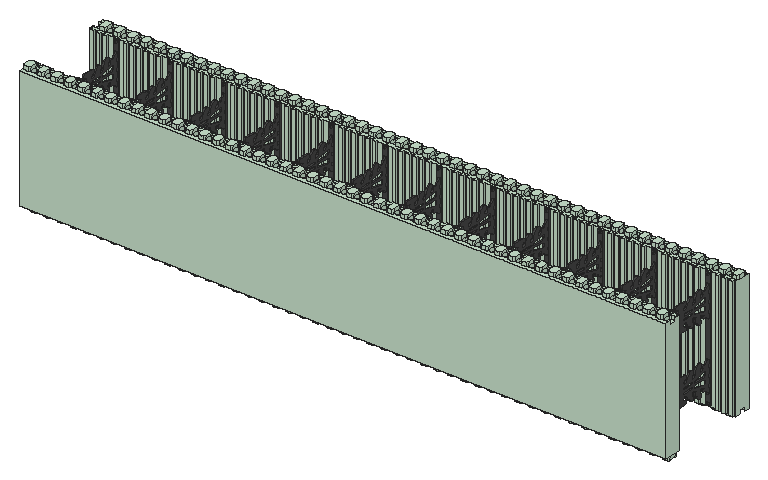
Revit family (continued)
Forms (mm)
  Extrusion 167, void
    sketch origin (1320.8, 50.882, 0) x (1, 0, 0) y (0, 1, 0)
      loop
        arc (29.796, 130.453) -> (26.615, 128.147) -> (25.4, 124.411) r 6.35
    from 0 to 12.7
  Extrusion 168, void
    sketch origin (1270, 50.882, 0) x (1, 0, 0) y (0, 1, 0)
      loop
        line (25.4, 124.411) -> (25.4, 101.014)
        arc (25.4, 101.014) -> (26.615, 97.278) -> (29.796, 94.972) r 6.35
        arc (29.796, 94.972) -> (36.091, 93.737) -> (42.5, 94.024) r 26.988
        arc (42.5, 94.024) -> (43.786, 93.668) -> (44.346, 92.457) r 1.587
        line (44.346, 92.457) -> (44.346, 86.829) -> (48.685, 86.829) -> (48.685, 95.62)
        arc (48.685, 95.62) -> (48.795, 96.199) -> (49.108, 96.698) r 1.588
        arc (49.108, 96.698) -> (50.362, 98.696) -> (50.8, 101.014) r 6.35
        line (50.8, 101.014) -> (50.8, 124.411)
        arc (50.8, 124.411) -> (49.585, 128.147) -> (46.404, 130.453) r 6.35
        arc (46.404, 130.453) -> (38.1, 131.763) -> (29.796, 130.453) r 26.987
        arc (29.796, 130.453) -> (26.615, 128.147) -> (25.4, 124.411) r 6.35
    from 0 to 12.7
  Extrusion 169, void
    sketch origin (1219.2, 50.882, 0) x (1, 0, 0) y (0, 1, 0)
      loop
        line (25.4, 124.411) -> (25.4, 101.014)
        arc (25.4, 101.014) -> (26.615, 97.278) -> (29.796, 94.972) r 6.35
        arc (29.796, 94.972) -> (36.091, 93.737) -> (42.5, 94.024) r 26.988
        arc (42.5, 94.024) -> (43.786, 93.668) -> (44.346, 92.457) r 1.587
        line (44.346, 92.457) -> (44.346, 86.829) -> (48.685, 86.829) -> (48.685, 95.62)
        arc (48.685, 95.62) -> (48.795, 96.199) -> (49.108, 96.698) r 1.588
        arc (49.108, 96.698) -> (50.362, 98.696) -> (50.8, 101.014) r 6.35
        line (50.8, 101.014) -> (50.8, 124.411)
        arc (50.8, 124.411) -> (49.585, 128.147) -> (46.404, 130.453) r 6.35
        arc (46.404, 130.453) -> (38.1, 131.763) -> (29.796, 130.453) r 26.987
        arc (29.796, 130.453) -> (26.615, 128.147) -> (25.4, 124.411) r 6.35
    from 0 to 12.7
  Extrusion 170, void
    sketch origin (1168.4, 50.882, 0) x (1, 0, 0) y (0, 1, 0)
      loop
        line (25.4, 124.411) -> (25.4, 101.014)
        arc (25.4, 101.014) -> (26.615, 97.278) -> (29.796, 94.972) r 6.35
        arc (29.796, 94.972) -> (36.091, 93.737) -> (42.5, 94.024) r 26.988
        arc (42.5, 94.024) -> (43.786, 93.668) -> (44.346, 92.457) r 1.587
        line (44.346, 92.457) -> (44.346, 86.829) -> (48.685, 86.829) -> (48.685, 95.62)
        arc (48.685, 95.62) -> (48.795, 96.199) -> (49.108, 96.698) r 1.588
        arc (49.108, 96.698) -> (50.362, 98.696) -> (50.8, 101.014) r 6.35
        line (50.8, 101.014) -> (50.8, 124.411)
        arc (50.8, 124.411) -> (49.585, 128.147) -> (46.404, 130.453) r 6.35
        arc (46.404, 130.453) -> (38.1, 131.763) -> (29.796, 130.453) r 26.987
        arc (29.796, 130.453) -> (26.615, 128.147) -> (25.4, 124.411) r 6.35
    from 0 to 12.7
  Extrusion 171, void
    sketch origin (1117.6, 50.882, 0) x (1, 0, 0) y (0, 1, 0)
      loop
        line (25.4, 124.411) -> (25.4, 101.014)
        arc (25.4, 101.014) -> (26.615, 97.278) -> (29.796, 94.972) r 6.35
        arc (29.796, 94.972) -> (36.091, 93.737) -> (42.5, 94.024) r 26.988
        arc (42.5, 94.024) -> (43.786, 93.668) -> (44.346, 92.457) r 1.587
        line (44.346, 92.457) -> (44.346, 86.829) -> (48.685, 86.829) -> (48.685, 95.62)
        arc (48.685, 95.62) -> (48.795, 96.199) -> (49.108, 96.698) r 1.588
        arc (49.108, 96.698) -> (50.362, 98.696) -> (50.8, 101.014) r 6.35
        line (50.8, 101.014) -> (50.8, 124.411)
        arc (50.8, 124.411) -> (49.585, 128.147) -> (46.404, 130.453) r 6.35
        arc (46.404, 130.453) -> (38.1, 131.763) -> (29.796, 130.453) r 26.987
        arc (29.796, 130.453) -> (26.615, 128.147) -> (25.4, 124.411) r 6.35
    from 0 to 12.7
  Extrusion 172, void
    sketch origin (1066.8, 50.882, 0) x (1, 0, 0) y (0, 1, 0)
      loop
        line (25.4, 124.411) -> (25.4, 101.014)
        arc (25.4, 101.014) -> (26.615, 97.278) -> (29.796, 94.972) r 6.35
        arc (29.796, 94.972) -> (36.091, 93.737) -> (42.5, 94.024) r 26.988
        arc (42.5, 94.024) -> (43.786, 93.668) -> (44.346, 92.457) r 1.587
        line (44.346, 92.457) -> (44.346, 86.829) -> (48.685, 86.829) -> (48.685, 95.62)
        arc (48.685, 95.62) -> (48.795, 96.199) -> (49.108, 96.698) r 1.588
        arc (49.108, 96.698) -> (50.362, 98.696) -> (50.8, 101.014) r 6.35
        line (50.8, 101.014) -> (50.8, 124.411)
        arc (50.8, 124.411) -> (49.585, 128.147) -> (46.404, 130.453) r 6.35
        arc (46.404, 130.453) -> (38.1, 131.763) -> (29.796, 130.453) r 26.987
        arc (29.796, 130.453) -> (26.615, 128.147) -> (25.4, 124.411) r 6.35
    from 0 to 12.7
  Extrusion 173, void
    sketch origin (1016, 50.882, 0) x (1, 0, 0) y (0, 1, 0)
      loop
        line (25.4, 124.411) -> (25.4, 101.014)
        arc (25.4, 101.014) -> (26.615, 97.278) -> (29.796, 94.972) r 6.35
        arc (29.796, 94.972) -> (36.091, 93.737) -> (42.5, 94.024) r 26.988
        arc (42.5, 94.024) -> (43.786, 93.668) -> (44.346, 92.457) r 1.587
        line (44.346, 92.457) -> (44.346, 86.829) -> (48.685, 86.829) -> (48.685, 95.62)
        arc (48.685, 95.62) -> (48.795, 96.199) -> (49.108, 96.698) r 1.588
        arc (49.108, 96.698) -> (50.362, 98.696) -> (50.8, 101.014) r 6.35
        line (50.8, 101.014) -> (50.8, 124.411)
        arc (50.8, 124.411) -> (49.585, 128.147) -> (46.404, 130.453) r 6.35
        arc (46.404, 130.453) -> (38.1, 131.763) -> (29.796, 130.453) r 26.987
        arc (29.796, 130.453) -> (26.615, 128.147) -> (25.4, 124.411) r 6.35
    from 0 to 12.7
  Extrusion 174, void
    sketch origin (965.2, 50.882, 0) x (1, 0, 0) y (0, 1, 0)
      loop
        line (25.4, 124.411) -> (25.4, 101.014)
        arc (25.4, 101.014) -> (26.615, 97.278) -> (29.796, 94.972) r 6.35
        arc (29.796, 94.972) -> (36.091, 93.737) -> (42.5, 94.024) r 26.988
        arc (42.5, 94.024) -> (43.786, 93.668) -> (44.346, 92.457) r 1.587
        line (44.346, 92.457) -> (44.346, 86.829) -> (48.685, 86.829) -> (48.685, 95.62)
        arc (48.685, 95.62) -> (48.795, 96.199) -> (49.108, 96.698) r 1.588
        arc (49.108, 96.698) -> (50.362, 98.696) -> (50.8, 101.014) r 6.35
        line (50.8, 101.014) -> (50.8, 124.411)
        arc (50.8, 124.411) -> (49.585, 128.147) -> (46.404, 130.453) r 6.35
        arc (46.404, 130.453) -> (38.1, 131.763) -> (29.796, 130.453) r 26.987
        arc (29.796, 130.453) -> (26.615, 128.147) -> (25.4, 124.411) r 6.35
    from 0 to 12.7
  Extrusion 175, void
    sketch origin (914.4, 50.882, 0) x (1, 0, 0) y (0, 1, 0)
      loop
        line (25.4, 124.411) -> (25.4, 101.014)
        arc (25.4, 101.014) -> (26.615, 97.278) -> (29.796, 94.972) r 6.35
        arc (29.796, 94.972) -> (36.091, 93.737) -> (42.5, 94.024) r 26.988
        arc (42.5, 94.024) -> (43.786, 93.668) -> (44.346, 92.457) r 1.587
        line (44.346, 92.457) -> (44.346, 86.829) -> (48.685, 86.829) -> (48.685, 95.62)
        arc (48.685, 95.62) -> (48.795, 96.199) -> (49.108, 96.698) r 1.588
        arc (49.108, 96.698) -> (50.362, 98.696) -> (50.8, 101.014) r 6.35
        line (50.8, 101.014) -> (50.8, 124.411)
        arc (50.8, 124.411) -> (49.585, 128.147) -> (46.404, 130.453) r 6.35
        arc (46.404, 130.453) -> (38.1, 131.763) -> (29.796, 130.453) r 26.987
        arc (29.796, 130.453) -> (26.615, 128.147) -> (25.4, 124.411) r 6.35
    from 0 to 12.7
  Extrusion 176, void
    sketch origin (863.6, 50.882, 0) x (1, 0, 0) y (0, 1, 0)
      loop
        line (25.4, 124.411) -> (25.4, 101.014)
        arc (25.4, 101.014) -> (26.615, 97.278) -> (29.796, 94.972) r 6.35
        arc (29.796, 94.972) -> (36.091, 93.737) -> (42.5, 94.024) r 26.988
        arc (42.5, 94.024) -> (43.786, 93.668) -> (44.346, 92.457) r 1.587
        line (44.346, 92.457) -> (44.346, 86.829) -> (48.685, 86.829) -> (48.685, 95.62)
        arc (48.685, 95.62) -> (48.795, 96.199) -> (49.108, 96.698) r 1.588
        arc (49.108, 96.698) -> (50.362, 98.696) -> (50.8, 101.014) r 6.35
        line (50.8, 101.014) -> (50.8, 124.411)
        arc (50.8, 124.411) -> (49.585, 128.147) -> (46.404, 130.453) r 6.35
        arc (46.404, 130.453) -> (38.1, 131.763) -> (29.796, 130.453) r 26.987
        arc (29.796, 130.453) -> (26.615, 128.147) -> (25.4, 124.411) r 6.35
    from 0 to 12.7
  Extrusion 177, void
    sketch origin (812.8, 50.882, 0) x (1, 0, 0) y (0, 1, 0)
      loop
        line (25.4, 124.411) -> (25.4, 101.014)
        arc (25.4, 101.014) -> (26.615, 97.278) -> (29.796, 94.972) r 6.35
        arc (29.796, 94.972) -> (36.091, 93.737) -> (42.5, 94.024) r 26.988
        arc (42.5, 94.024) -> (43.786, 93.668) -> (44.346, 92.457) r 1.587
        line (44.346, 92.457) -> (44.346, 86.829) -> (48.685, 86.829) -> (48.685, 95.62)
        arc (48.685, 95.62) -> (48.795, 96.199) -> (49.108, 96.698) r 1.588
        arc (49.108, 96.698) -> (50.362, 98.696) -> (50.8, 101.014) r 6.35
        line (50.8, 101.014) -> (50.8, 124.411)
        arc (50.8, 124.411) -> (49.585, 128.147) -> (46.404, 130.453) r 6.35
        arc (46.404, 130.453) -> (38.1, 131.763) -> (29.796, 130.453) r 26.987
        arc (29.796, 130.453) -> (26.615, 128.147) -> (25.4, 124.411) r 6.35
    from 0 to 12.7
  Extrusion 178, void
    sketch origin (762, 50.882, 0) x (1, 0, 0) y (0, 1, 0)
      loop
        line (25.4, 124.411) -> (25.4, 101.014)
        arc (25.4, 101.014) -> (26.615, 97.278) -> (29.796, 94.972) r 6.35
        arc (29.796, 94.972) -> (36.091, 93.737) -> (42.5, 94.024) r 26.988
        arc (42.5, 94.024) -> (43.786, 93.668) -> (44.346, 92.457) r 1.587
        line (44.346, 92.457) -> (44.346, 86.829) -> (48.685, 86.829) -> (48.685, 95.62)
        arc (48.685, 95.62) -> (48.795, 96.199) -> (49.108, 96.698) r 1.588
        arc (49.108, 96.698) -> (50.362, 98.696) -> (50.8, 101.014) r 6.35
        line (50.8, 101.014) -> (50.8, 124.411)
        arc (50.8, 124.411) -> (49.585, 128.147) -> (46.404, 130.453) r 6.35
        arc (46.404, 130.453) -> (38.1, 131.763) -> (29.796, 130.453) r 26.987
        arc (29.796, 130.453) -> (26.615, 128.147) -> (25.4, 124.411) r 6.35
    from 0 to 12.7
  Extrusion 179, void
    sketch origin (711.2, 50.882, 0) x (1, 0, 0) y (0, 1, 0)
      loop
        line (25.4, 124.411) -> (25.4, 101.014)
        arc (25.4, 101.014) -> (26.615, 97.278) -> (29.796, 94.972) r 6.35
        arc (29.796, 94.972) -> (36.091, 93.737) -> (42.5, 94.024) r 26.988
        arc (42.5, 94.024) -> (43.786, 93.668) -> (44.346, 92.457) r 1.587
        line (44.346, 92.457) -> (44.346, 86.829) -> (48.685, 86.829) -> (48.685, 95.62)
        arc (48.685, 95.62) -> (48.795, 96.199) -> (49.108, 96.698) r 1.588
        arc (49.108, 96.698) -> (50.362, 98.696) -> (50.8, 101.014) r 6.35
        line (50.8, 101.014) -> (50.8, 124.411)
        arc (50.8, 124.411) -> (49.585, 128.147) -> (46.404, 130.453) r 6.35
        arc (46.404, 130.453) -> (38.1, 131.763) -> (29.796, 130.453) r 26.987
        arc (29.796, 130.453) -> (26.615, 128.147) -> (25.4, 124.411) r 6.35
    from 0 to 12.7
  Extrusion 180, void
    sketch origin (660.4, 50.882, 0) x (1, 0, 0) y (0, 1, 0)
      loop
        line (25.4, 124.411) -> (25.4, 101.014)
        arc (25.4, 101.014) -> (26.615, 97.278) -> (29.796, 94.972) r 6.35
        arc (29.796, 94.972) -> (36.091, 93.737) -> (42.5, 94.024) r 26.988
        arc (42.5, 94.024) -> (43.786, 93.668) -> (44.346, 92.457) r 1.587
        line (44.346, 92.457) -> (44.346, 86.829) -> (48.685, 86.829) -> (48.685, 95.62)
        arc (48.685, 95.62) -> (48.795, 96.199) -> (49.108, 96.698) r 1.588
        arc (49.108, 96.698) -> (50.362, 98.696) -> (50.8, 101.014) r 6.35
        line (50.8, 101.014) -> (50.8, 124.411)
        arc (50.8, 124.411) -> (49.585, 128.147) -> (46.404, 130.453) r 6.35
        arc (46.404, 130.453) -> (38.1, 131.763) -> (29.796, 130.453) r 26.987
        arc (29.796, 130.453) -> (26.615, 128.147) -> (25.4, 124.411) r 6.35
    from 0 to 12.7
  Extrusion 181, void
    sketch origin (609.6, 50.882, 0) x (1, 0, 0) y (0, 1, 0)
      loop
        line (25.4, 124.411) -> (25.4, 101.014)
        arc (25.4, 101.014) -> (26.615, 97.278) -> (29.796, 94.972) r 6.35
        arc (29.796, 94.972) -> (36.091, 93.737) -> (42.5, 94.024) r 26.988
        arc (42.5, 94.024) -> (43.786, 93.668) -> (44.346, 92.457) r 1.587
        line (44.346, 92.457) -> (44.346, 86.829) -> (48.685, 86.829) -> (48.685, 95.62)
        arc (48.685, 95.62) -> (48.795, 96.199) -> (49.108, 96.698) r 1.588
        arc (49.108, 96.698) -> (50.362, 98.696) -> (50.8, 101.014) r 6.35
        line (50.8, 101.014) -> (50.8, 124.411)
        arc (50.8, 124.411) -> (49.585, 128.147) -> (46.404, 130.453) r 6.35
        arc (46.404, 130.453) -> (38.1, 131.763) -> (29.796, 130.453) r 26.987
        arc (29.796, 130.453) -> (26.615, 128.147) -> (25.4, 124.411) r 6.35
    from 0 to 12.7
  Extrusion 182, void
    sketch origin (558.8, 50.882, 0) x (1, 0, 0) y (0, 1, 0)
      loop
        line (25.4, 124.411) -> (25.4, 101.014)
        arc (25.4, 101.014) -> (26.615, 97.278) -> (29.796, 94.972) r 6.35
        arc (29.796, 94.972) -> (36.091, 93.737) -> (42.5, 94.024) r 26.988
        arc (42.5, 94.024) -> (43.786, 93.668) -> (44.346, 92.457) r 1.587
        line (44.346, 92.457) -> (44.346, 86.829) -> (48.685, 86.829) -> (48.685, 95.62)
        arc (48.685, 95.62) -> (48.795, 96.199) -> (49.108, 96.698) r 1.588
        arc (49.108, 96.698) -> (50.362, 98.696) -> (50.8, 101.014) r 6.35
        line (50.8, 101.014) -> (50.8, 124.411)
        arc (50.8, 124.411) -> (49.585, 128.147) -> (46.404, 130.453) r 6.35
        arc (46.404, 130.453) -> (38.1, 131.763) -> (29.796, 130.453) r 26.987
        arc (29.796, 130.453) -> (26.615, 128.147) -> (25.4, 124.411) r 6.35
    from 0 to 12.7
  Extrusion 183, void
    sketch origin (508, 50.882, 0) x (1, 0, 0) y (0, 1, 0)
      loop
        line (25.4, 124.411) -> (25.4, 101.014)
        arc (25.4, 101.014) -> (26.615, 97.278) -> (29.796, 94.972) r 6.35
        arc (29.796, 94.972) -> (36.091, 93.737) -> (42.5, 94.024) r 26.988
        arc (42.5, 94.024) -> (43.786, 93.668) -> (44.346, 92.457) r 1.587
        line (44.346, 92.457) -> (44.346, 86.829) -> (48.685, 86.829) -> (48.685, 95.62)
        arc (48.685, 95.62) -> (48.795, 96.199) -> (49.108, 96.698) r 1.588
        arc (49.108, 96.698) -> (50.362, 98.696) -> (50.8, 101.014) r 6.35
        line (50.8, 101.014) -> (50.8, 124.411)
        arc (50.8, 124.411) -> (49.585, 128.147) -> (46.404, 130.453) r 6.35
        arc (46.404, 130.453) -> (38.1, 131.763) -> (29.796, 130.453) r 26.987
        arc (29.796, 130.453) -> (26.615, 128.147) -> (25.4, 124.411) r 6.35
    from 0 to 12.7
  Extrusion 184, void
    sketch origin (457.2, 50.882, 0) x (1, 0, 0) y (0, 1, 0)
      loop
        line (25.4, 124.411) -> (25.4, 101.014)
        arc (25.4, 101.014) -> (26.615, 97.278) -> (29.796, 94.972) r 6.35
        arc (29.796, 94.972) -> (36.091, 93.737) -> (42.5, 94.024) r 26.988
        arc (42.5, 94.024) -> (43.786, 93.668) -> (44.346, 92.457) r 1.587
        line (44.346, 92.457) -> (44.346, 86.829) -> (48.685, 86.829) -> (48.685, 95.62)
        arc (48.685, 95.62) -> (48.795, 96.199) -> (49.108, 96.698) r 1.588
        arc (49.108, 96.698) -> (50.362, 98.696) -> (50.8, 101.014) r 6.35
        line (50.8, 101.014) -> (50.8, 124.411)
        arc (50.8, 124.411) -> (49.585, 128.147) -> (46.404, 130.453) r 6.35
        arc (46.404, 130.453) -> (38.1, 131.763) -> (29.796, 130.453) r 26.987
        arc (29.796, 130.453) -> (26.615, 128.147) -> (25.4, 124.411) r 6.35
    from 0 to 12.7
  Extrusion 185, void
    sketch origin (406.4, 50.882, 0) x (1, 0, 0) y (0, 1, 0)
      loop
        line (25.4, 124.411) -> (25.4, 101.014)
        arc (25.4, 101.014) -> (26.615, 97.278) -> (29.796, 94.972) r 6.35
        arc (29.796, 94.972) -> (36.091, 93.737) -> (42.5, 94.024) r 26.988
        arc (42.5, 94.024) -> (43.786, 93.668) -> (44.346, 92.457) r 1.587
        line (44.346, 92.457) -> (44.346, 86.829) -> (48.685, 86.829) -> (48.685, 95.62)
        arc (48.685, 95.62) -> (48.795, 96.199) -> (49.108, 96.698) r 1.588
        arc (49.108, 96.698) -> (50.362, 98.696) -> (50.8, 101.014) r 6.35
        line (50.8, 101.014) -> (50.8, 124.411)
        arc (50.8, 124.411) -> (49.585, 128.147) -> (46.404, 130.453) r 6.35
        arc (46.404, 130.453) -> (38.1, 131.763) -> (29.796, 130.453) r 26.987
        arc (29.796, 130.453) -> (26.615, 128.147) -> (25.4, 124.411) r 6.35
    from 0 to 12.7
  Extrusion 186, void
    sketch origin (355.6, 50.882, 0) x (1, 0, 0) y (0, 1, 0)
      loop
        line (25.4, 124.411) -> (25.4, 101.014)
        arc (25.4, 101.014) -> (26.615, 97.278) -> (29.796, 94.972) r 6.35
        arc (29.796, 94.972) -> (36.091, 93.737) -> (42.5, 94.024) r 26.988
        arc (42.5, 94.024) -> (43.786, 93.668) -> (44.346, 92.457) r 1.587
        line (44.346, 92.457) -> (44.346, 86.829) -> (48.685, 86.829) -> (48.685, 95.62)
        arc (48.685, 95.62) -> (48.795, 96.199) -> (49.108, 96.698) r 1.588
        arc (49.108, 96.698) -> (50.362, 98.696) -> (50.8, 101.014) r 6.35
        line (50.8, 101.014) -> (50.8, 124.411)
        arc (50.8, 124.411) -> (49.585, 128.147) -> (46.404, 130.453) r 6.35
        arc (46.404, 130.453) -> (38.1, 131.763) -> (29.796, 130.453) r 26.987
        arc (29.796, 130.453) -> (26.615, 128.147) -> (25.4, 124.411) r 6.35
    from 0 to 12.7
  Extrusion 187, void
    sketch origin (304.8, 50.882, 0) x (1, 0, 0) y (0, 1, 0)
      loop
        line (25.4, 124.411) -> (25.4, 101.014)
        arc (25.4, 101.014) -> (26.615, 97.278) -> (29.796, 94.972) r 6.35
        arc (29.796, 94.972) -> (36.091, 93.737) -> (42.5, 94.024) r 26.988
        arc (42.5, 94.024) -> (43.786, 93.668) -> (44.346, 92.457) r 1.587
        line (44.346, 92.457) -> (44.346, 86.829) -> (48.685, 86.829) -> (48.685, 95.62)
        arc (48.685, 95.62) -> (48.795, 96.199) -> (49.108, 96.698) r 1.588
        arc (49.108, 96.698) -> (50.362, 98.696) -> (50.8, 101.014) r 6.35
        line (50.8, 101.014) -> (50.8, 124.411)
        arc (50.8, 124.411) -> (49.585, 128.147) -> (46.404, 130.453) r 6.35
        arc (46.404, 130.453) -> (38.1, 131.763) -> (29.796, 130.453) r 26.987
        arc (29.796, 130.453) -> (26.615, 128.147) -> (25.4, 124.411) r 6.35
    from 0 to 12.7
  Extrusion 188, void
    sketch origin (254, 50.882, 0) x (1, 0, 0) y (0, 1, 0)
      loop
        line (25.4, 124.411) -> (25.4, 101.014)
        arc (25.4, 101.014) -> (26.615, 97.278) -> (29.796, 94.972) r 6.35
        arc (29.796, 94.972) -> (36.091, 93.737) -> (42.5, 94.024) r 26.988
        arc (42.5, 94.024) -> (43.786, 93.668) -> (44.346, 92.457) r 1.587
        line (44.346, 92.457) -> (44.346, 86.829) -> (48.685, 86.829) -> (48.685, 95.62)
        arc (48.685, 95.62) -> (48.795, 96.199) -> (49.108, 96.698) r 1.588
        arc (49.108, 96.698) -> (50.362, 98.696) -> (50.8, 101.014) r 6.35
        line (50.8, 101.014) -> (50.8, 124.411)
        arc (50.8, 124.411) -> (49.585, 128.147) -> (46.404, 130.453) r 6.35
        arc (46.404, 130.453) -> (38.1, 131.763) -> (29.796, 130.453) r 26.987
        arc (29.796, 130.453) -> (26.615, 128.147) -> (25.4, 124.411) r 6.35
    from 0 to 12.7
  Extrusion 189, void
    sketch origin (203.2, 50.882, 0) x (1, 0, 0) y (0, 1, 0)
      loop
        line (25.4, 124.411) -> (25.4, 101.014)
        arc (25.4, 101.014) -> (26.615, 97.278) -> (29.796, 94.972) r 6.35
        arc (29.796, 94.972) -> (36.091, 93.737) -> (42.5, 94.024) r 26.988
        arc (42.5, 94.024) -> (43.786, 93.668) -> (44.346, 92.457) r 1.587
        line (44.346, 92.457) -> (44.346, 86.829) -> (48.685, 86.829) -> (48.685, 95.62)
        arc (48.685, 95.62) -> (48.795, 96.199) -> (49.108, 96.698) r 1.588
        arc (49.108, 96.698) -> (50.362, 98.696) -> (50.8, 101.014) r 6.35
        line (50.8, 101.014) -> (50.8, 124.411)
        arc (50.8, 124.411) -> (49.585, 128.147) -> (46.404, 130.453) r 6.35
        arc (46.404, 130.453) -> (38.1, 131.763) -> (29.796, 130.453) r 26.987
        arc (29.796, 130.453) -> (26.615, 128.147) -> (25.4, 124.411) r 6.35
    from 0 to 12.7
  Extrusion 190, void
    sketch origin (152.4, 50.882, 0) x (1, 0, 0) y (0, 1, 0)
      loop
        line (25.4, 124.411) -> (25.4, 101.014)
        arc (25.4, 101.014) -> (26.615, 97.278) -> (29.796, 94.972) r 6.35
        arc (29.796, 94.972) -> (36.091, 93.737) -> (42.5, 94.024) r 26.988
        arc (42.5, 94.024) -> (43.786, 93.668) -> (44.346, 92.457) r 1.587
        line (44.346, 92.457) -> (44.346, 86.829) -> (48.685, 86.829) -> (48.685, 95.62)
        arc (48.685, 95.62) -> (48.795, 96.199) -> (49.108, 96.698) r 1.588
        arc (49.108, 96.698) -> (50.362, 98.696) -> (50.8, 101.014) r 6.35
        line (50.8, 101.014) -> (50.8, 124.411)
        arc (50.8, 124.411) -> (49.585, 128.147) -> (46.404, 130.453) r 6.35
        arc (46.404, 130.453) -> (38.1, 131.763) -> (29.796, 130.453) r 26.987
        arc (29.796, 130.453) -> (26.615, 128.147) -> (25.4, 124.411) r 6.35
    from 0 to 12.7
  Extrusion 191, void
    sketch origin (101.6, 50.882, 0) x (1, 0, 0) y (0, 1, 0)
      loop
        line (25.4, 124.411) -> (25.4, 101.014)
        arc (25.4, 101.014) -> (26.615, 97.278) -> (29.796, 94.972) r 6.35
        arc (29.796, 94.972) -> (36.091, 93.737) -> (42.5, 94.024) r 26.988
        arc (42.5, 94.024) -> (43.786, 93.668) -> (44.346, 92.457) r 1.587
        line (44.346, 92.457) -> (44.346, 86.829) -> (48.685, 86.829) -> (48.685, 95.62)
        arc (48.685, 95.62) -> (48.795, 96.199) -> (49.108, 96.698) r 1.588
        arc (49.108, 96.698) -> (50.362, 98.696) -> (50.8, 101.014) r 6.35
        line (50.8, 101.014) -> (50.8, 124.411)
        arc (50.8, 124.411) -> (49.585, 128.147) -> (46.404, 130.453) r 6.35
        arc (46.404, 130.453) -> (38.1, 131.763) -> (29.796, 130.453) r 26.987
        arc (29.796, 130.453) -> (26.615, 128.147) -> (25.4, 124.411) r 6.35
    from 0 to 12.7
  Extrusion 192, void
    sketch origin (50.8, 50.882, 0) x (1, 0, 0) y (0, 1, 0)
      loop
        line (25.4, 124.411) -> (25.4, 101.014)
        arc (25.4, 101.014) -> (26.615, 97.278) -> (29.796, 94.972) r 6.35
        arc (29.796, 94.972) -> (36.091, 93.737) -> (42.5, 94.024) r 26.988
        arc (42.5, 94.024) -> (43.786, 93.668) -> (44.346, 92.457) r 1.587
        line (44.346, 92.457) -> (44.346, 86.829) -> (48.685, 86.829) -> (48.685, 95.62)
        arc (48.685, 95.62) -> (48.795, 96.199) -> (49.108, 96.698) r 1.588
        arc (49.108, 96.698) -> (50.362, 98.696) -> (50.8, 101.014) r 6.35
        line (50.8, 101.014) -> (50.8, 124.411)
        arc (50.8, 124.411) -> (49.585, 128.147) -> (46.404, 130.453) r 6.35
        arc (46.404, 130.453) -> (38.1, 131.763) -> (29.796, 130.453) r 26.987
        arc (29.796, 130.453) -> (26.615, 128.147) -> (25.4, 124.411) r 6.35
    from 0 to 12.7
  Extrusion 193, void
    sketch origin (0, 50.882, 0) x (1, 0, 0) y (0, 1, 0)
      loop
        line (25.4, 124.411) -> (25.4, 101.014)
        arc (25.4, 101.014) -> (26.615, 97.278) -> (29.796, 94.972) r 6.35
        arc (29.796, 94.972) -> (36.091, 93.737) -> (42.5, 94.024) r 26.988
        arc (42.5, 94.024) -> (43.786, 93.668) -> (44.346, 92.457) r 1.587
        line (44.346, 92.457) -> (44.346, 86.829) -> (48.685, 86.829) -> (48.685, 95.62)
        arc (48.685, 95.62) -> (48.795, 96.199) -> (49.108, 96.698) r 1.588
        arc (49.108, 96.698) -> (50.362, 98.696) -> (50.8, 101.014) r 6.35
        line (50.8, 101.014) -> (50.8, 124.411)
        arc (50.8, 124.411) -> (49.585, 128.147) -> (46.404, 130.453) r 6.35
        arc (46.404, 130.453) -> (38.1, 131.763) -> (29.796, 130.453) r 26.987
        arc (29.796, 130.453) -> (26.615, 128.147) -> (25.4, 124.411) r 6.35
    from 0 to 12.7
Cuts and joins
  Extrusion 2, Extrusion 3, Extrusion 4, Extrusion 5, Extrusion 6, Extrusion 7, Extrusion 8, Extrusion 9, Extrusion 10, Extrusion 11, Extrusion 12, Extrusion 13, Extrusion 14, Extrusion 15, Extrusion 16, Extrusion 17, Extrusion 18, Extrusion 19, Extrusion 20, Extrusion 21, Extrusion 22, Extrusion 23, Extrusion 24, Extrusion 25, Extrusion 26, Extrusion 27, Extrusion 28, Extrusion 29, Extrusion 30, Extrusion 31, Extrusion 32, Extrusion 33, Extrusion 34, Extrusion 35, Extrusion 36, Extrusion 37, Extrusion 38, Extrusion 39, Extrusion 40, Extrusion 41, Extrusion 42, Extrusion 43, Extrusion 44, Extrusion 45, Extrusion 46, Extrusion 47, Extrusion 48, Extrusion 49, Extrusion 50, Extrusion 51, Extrusion 52, Extrusion 53, Extrusion 54, Extrusion 55, Extrusion 56, Extrusion 57, Extrusion 58, Extrusion 59, Extrusion 60, Extrusion 61, Extrusion 62, Extrusion 63, Extrusion 64, Extrusion 65, Extrusion 66, Extrusion 67, Extrusion 68, Extrusion 69, Extrusion 70, Extrusion 71, Extrusion 72, Extrusion 73, Extrusion 74, Extrusion 75, Extrusion 76, Extrusion 77, Extrusion 78, Extrusion 79, Extrusion 80, Extrusion 81, Extrusion 82, Extrusion 83, Extrusion 84, Extrusion 85, Extrusion 86, Extrusion 87, Extrusion 88, Extrusion 89, Extrusion 90, Extrusion 91, Extrusion 92, Extrusion 93, Extrusion 94, Extrusion 95, Extrusion 96, Extrusion 97, Extrusion 98, Extrusion 99, Extrusion 100, Extrusion 101, Extrusion 102, Extrusion 103, Extrusion 104, Extrusion 105, Extrusion 106, Extrusion 107, Extrusion 108, Extrusion 109, Extrusion 110, Extrusion 111, Extrusion 112, Extrusion 113, Extrusion 114, Extrusion 115, Extrusion 116, Extrusion 117, Extrusion 118, Extrusion 119, Extrusion 120, Extrusion 121, Extrusion 122, Extrusion 123, Extrusion 124, Extrusion 125, Extrusion 126, Extrusion 127, Extrusion 128, Extrusion 129, Extrusion 130, Extrusion 131, Extrusion 132, Extrusion 133, Extrusion 134, Extrusion 135, Extrusion 136, Extrusion 137, Extrusion 138, Extrusion 139, Extrusion 140, Extrusion 141, Extrusion 142, Extrusion 143, Extrusion 144, Extrusion 145, Extrusion 146, Extrusion 147, Extrusion 148, Extrusion 149, Extrusion 150, Extrusion 151, Extrusion 152, Extrusion 153, Extrusion 154, Extrusion 155, Extrusion 156, Extrusion 157, Extrusion 158, Extrusion 159, Extrusion 160, Extrusion 161, Extrusion 162, Extrusion 163, Extrusion 164, Extrusion 165, Extrusion 166, Extrusion 167, Extrusion 168, Extrusion 169, Extrusion 170, Extrusion 171, Extrusion 172, Extrusion 173, Extrusion 174, Extrusion 175, Extrusion 176, Extrusion 177, Extrusion 178, Extrusion 179, Extrusion 180, Extrusion 181, Extrusion 182, Extrusion 183, Extrusion 184, Extrusion 185, Extrusion 186, Extrusion 187, Extrusion 188, Extrusion 189, Extrusion 190, Extrusion 191, Extrusion 192, Extrusion 193 cuts Extrusion 1
Lines and regions (mm)
  model lines
    curve 1: line (203.2, -193.593, 457.2) -> (203.2, -193.593, 0)
    curve 2: line (2235.2, 193.757, 457.2) -> (2235.2, 193.757, 0)
    curve 3: line (1625.6, 193.757, 457.2) -> (1625.6, 193.757, 0)
    curve 4: line (1016, 193.757, 457.2) -> (1016, 193.757, 0)
    curve 5: line (406.4, 193.757, 457.2) -> (406.4, 193.757, 0)
Dimensions and locks
  aligned and locked: level to plane 2
  aligned and locked: level to Extrusion 1
Nested families
  nested 1: "NUDURA Diamond Pattern" at (0, -50.718, 0), type "NUDURA Diamond Pattern"
  nested 2: "NUDURA Diamond Pattern" at (406.4, -50.718, 0), type "NUDURA Diamond Pattern"
  nested 3: "NUDURA Diamond Pattern" at (609.6, -50.718, 0), type "NUDURA Diamond Pattern"
  nested 4: "NUDURA Diamond Pattern" at (1016, -50.718, 0), type "NUDURA Diamond Pattern"
  nested 5: "NUDURA Diamond Pattern" at (1219.2, -50.718, 0), type "NUDURA Diamond Pattern"
  nested 6: "NUDURA Diamond Pattern" at (1625.6, -50.718, 0), type "NUDURA Diamond Pattern"
  nested 7: "NUDURA Diamond Pattern" at (1828.8, -50.718, 0), type "NUDURA Diamond Pattern"
  nested 8: "NUDURA Diamond Pattern" at (2235.2, -50.718, 0), type "NUDURA Diamond Pattern"
  nested 9: "NUDURA Diamond Pattern" at (0, 50.882, 0), type "NUDURA Diamond Pattern"
  nested 10: "NUDURA Diamond Pattern" at (406.4, 50.882, 0), type "NUDURA Diamond Pattern"
  nested 11: "NUDURA Diamond Pattern" at (609.6, 50.882, 0), type "NUDURA Diamond Pattern"
  nested 12: "NUDURA Diamond Pattern" at (1016, 50.882, 0), type "NUDURA Diamond Pattern"
  nested 13: "NUDURA Diamond Pattern" at (1219.2, 50.882, 0), type "NUDURA Diamond Pattern"
  nested 14: "NUDURA Diamond Pattern" at (1625.6, 50.882, 0), type "NUDURA Diamond Pattern"
  nested 15: "NUDURA Diamond Pattern" at (1828.8, 50.882, 0), type "NUDURA Diamond Pattern"
  nested 16: "NUDURA Diamond Pattern" at (2235.2, 50.882, 0), type "NUDURA Diamond Pattern"
  nested 17: "Interlock Tooth" at (0, -50.718, 0), type "Interlock Tooth"
  nested 18: "Interlock Tooth" at (50.8, -50.718, 0), type "Interlock Tooth"
  nested 19: "Interlock Tooth" at (101.6, -50.718, 0), type "Interlock Tooth"
  nested 20: "Interlock Tooth" at (152.4, -50.718, 0), type "Interlock Tooth"
  nested 21: "Interlock Tooth" at (203.2, -50.718, 0), type "Interlock Tooth"
  nested 22: "Interlock Tooth" at (254, -50.718, 0), type "Interlock Tooth"
  nested 23: "Interlock Tooth" at (304.8, -50.718, 0), type "Interlock Tooth"
  nested 24: "Interlock Tooth" at (355.6, -50.718, 0), type "Interlock Tooth"
  nested 25: "Interlock Tooth" at (406.4, -50.718, 0), type "Interlock Tooth"
  nested 26: "Interlock Tooth" at (457.2, -50.718, 0), type "Interlock Tooth"
  nested 27: "Interlock Tooth" at (508, -50.718, 0), type "Interlock Tooth"
  nested 28: "Interlock Tooth" at (558.8, -50.718, 0), type "Interlock Tooth"
  nested 29: "Interlock Tooth" at (609.6, -50.718, 0), type "Interlock Tooth"
  nested 30: "Interlock Tooth" at (660.4, -50.718, 0), type "Interlock Tooth"
  nested 31: "Interlock Tooth" at (711.2, -50.718, 0), type "Interlock Tooth"
  nested 32: "Interlock Tooth" at (762, -50.718, 0), type "Interlock Tooth"
  nested 33: "Interlock Tooth" at (812.8, -50.718, 0), type "Interlock Tooth"
  nested 34: "Interlock Tooth" at (863.6, -50.718, 0), type "Interlock Tooth"
  nested 35: "Interlock Tooth" at (914.4, -50.718, 0), type "Interlock Tooth"
  nested 36: "Interlock Tooth" at (965.2, -50.718, 0), type "Interlock Tooth"
  nested 37: "Interlock Tooth" at (1016, -50.718, 0), type "Interlock Tooth"
  nested 38: "Interlock Tooth" at (1066.8, -50.718, 0), type "Interlock Tooth"
  nested 39: "Interlock Tooth" at (1117.6, -50.718, 0), type "Interlock Tooth"
  nested 40: "Interlock Tooth" at (1168.4, -50.718, 0), type "Interlock Tooth"
  nested 41: "Interlock Tooth" at (1219.2, -50.718, 0), type "Interlock Tooth"
  nested 42: "Interlock Tooth" at (1270, -50.718, 0), type "Interlock Tooth"
  nested 43: "Interlock Tooth" at (1320.8, -50.718, 0), type "Interlock Tooth"
  nested 44: "Interlock Tooth" at (1371.6, -50.718, 0), type "Interlock Tooth"
  nested 45: "Interlock Tooth" at (1422.4, -50.718, 0), type "Interlock Tooth"
  nested 46: "Interlock Tooth" at (1473.2, -50.718, 0), type "Interlock Tooth"
  nested 47: "Interlock Tooth" at (1524, -50.718, 0), type "Interlock Tooth"
  nested 48: "Interlock Tooth" at (1574.8, -50.718, 0), type "Interlock Tooth"
  nested 49: "Interlock Tooth" at (1625.6, -50.718, 0), type "Interlock Tooth"
  nested 50: "Interlock Tooth" at (1676.4, -50.718, 0), type "Interlock Tooth"
  nested 51: "Interlock Tooth" at (1727.2, -50.718, 0), type "Interlock Tooth"
  nested 52: "Interlock Tooth" at (1778, -50.718, 0), type "Interlock Tooth"
  nested 53: "Interlock Tooth" at (1828.8, -50.718, 0), type "Interlock Tooth"
  nested 54: "Interlock Tooth" at (1879.6, -50.718, 0), type "Interlock Tooth"
  nested 55: "Interlock Tooth" at (1930.4, -50.718, 0), type "Interlock Tooth"
  nested 56: "Interlock Tooth" at (1981.2, -50.718, 0), type "Interlock Tooth"
  nested 57: "Interlock Tooth" at (2032, -50.718, 0), type "Interlock Tooth"
  nested 58: "Interlock Tooth" at (2082.8, -50.718, 0), type "Interlock Tooth"
  nested 59: "Interlock Tooth" at (2133.6, -50.718, 0), type "Interlock Tooth"
  nested 60: "Interlock Tooth" at (2184.4, -50.718, 0), type "Interlock Tooth"
  nested 61: "Interlock Tooth" at (2235.2, -50.718, 0), type "Interlock Tooth"
  nested 62: "Interlock Tooth" at (2286, -50.718, 0), type "Interlock Tooth"
  nested 63: "Interlock Tooth" at (2336.8, -50.718, 0), type "Interlock Tooth"
  nested 64: "Interlock Tooth" at (2387.6, -50.718, 0), type "Interlock Tooth"
  nested 65: "Interlock Tooth" at (25.4, 276.307, 0), type "Interlock Tooth"
  nested 66: "Interlock Tooth" at (76.2, 276.307, 0), type "Interlock Tooth"
  nested 67: "Interlock Tooth" at (127, 276.307, 0), type "Interlock Tooth"
  nested 68: "Interlock Tooth" at (177.8, 276.307, 0), type "Interlock Tooth"
  nested 69: "Interlock Tooth" at (228.6, 276.307, 0), type "Interlock Tooth"
  nested 70: "Interlock Tooth" at (279.4, 276.307, 0), type "Interlock Tooth"
  nested 71: "Interlock Tooth" at (330.2, 276.307, 0), type "Interlock Tooth"
  nested 72: "Interlock Tooth" at (381, 276.307, 0), type "Interlock Tooth"
  nested 73: "Interlock Tooth" at (431.8, 276.307, 0), type "Interlock Tooth"
  nested 74: "Interlock Tooth" at (482.6, 276.307, 0), type "Interlock Tooth"
  nested 75: "Interlock Tooth" at (533.4, 276.307, 0), type "Interlock Tooth"
  nested 76: "Interlock Tooth" at (584.2, 276.307, 0), type "Interlock Tooth"
  nested 77: "Interlock Tooth" at (635, 276.307, 0), type "Interlock Tooth"
  nested 78: "Interlock Tooth" at (685.8, 276.307, 0), type "Interlock Tooth"
  nested 79: "Interlock Tooth" at (736.6, 276.307, 0), type "Interlock Tooth"
  nested 80: "Interlock Tooth" at (787.4, 276.307, 0), type "Interlock Tooth"
  nested 81: "Interlock Tooth" at (838.2, 276.307, 0), type "Interlock Tooth"
  nested 82: "Interlock Tooth" at (889, 276.307, 0), type "Interlock Tooth"
  nested 83: "Interlock Tooth" at (939.8, 276.307, 0), type "Interlock Tooth"
  nested 84: "Interlock Tooth" at (990.6, 276.307, 0), type "Interlock Tooth"
  nested 85: "Interlock Tooth" at (1041.4, 276.307, 0), type "Interlock Tooth"
  nested 86: "Interlock Tooth" at (1092.2, 276.307, 0), type "Interlock Tooth"
  nested 87: "Interlock Tooth" at (1143, 276.307, 0), type "Interlock Tooth"
  nested 88: "Interlock Tooth" at (1193.8, 276.307, 0), type "Interlock Tooth"
  nested 89: "Interlock Tooth" at (1244.6, 276.307, 0), type "Interlock Tooth"
  nested 90: "Interlock Tooth" at (1295.4, 276.307, 0), type "Interlock Tooth"
  nested 91: "Interlock Tooth" at (1346.2, 276.307, 0), type "Interlock Tooth"
  nested 92: "Interlock Tooth" at (1397, 276.307, 0), type "Interlock Tooth"
  nested 93: "Interlock Tooth" at (1447.8, 276.307, 0), type "Interlock Tooth"
  nested 94: "Interlock Tooth" at (1498.6, 276.307, 0), type "Interlock Tooth"
  nested 95: "Interlock Tooth" at (1549.4, 276.307, 0), type "Interlock Tooth"
  nested 96: "Interlock Tooth" at (1600.2, 276.307, 0), type "Interlock Tooth"
  nested 97: "Interlock Tooth" at (1651, 276.307, 0), type "Interlock Tooth"
  nested 98: "Interlock Tooth" at (1701.8, 276.307, 0), type "Interlock Tooth"
  nested 99: "Interlock Tooth" at (1752.6, 276.307, 0), type "Interlock Tooth"
  nested 100: "Interlock Tooth" at (1803.4, 276.307, 0), type "Interlock Tooth"
  nested 101: "Interlock Tooth" at (1854.2, 276.307, 0), type "Interlock Tooth"
  nested 102: "Interlock Tooth" at (1905, 276.307, 0), type "Interlock Tooth"
  nested 103: "Interlock Tooth" at (1955.8, 276.307, 0), type "Interlock Tooth"
  nested 104: "Interlock Tooth" at (2006.6, 276.307, 0), type "Interlock Tooth"
  nested 105: "Interlock Tooth" at (2057.4, 276.307, 0), type "Interlock Tooth"
  nested 106: "Interlock Tooth" at (2108.2, 276.307, 0), type "Interlock Tooth"
  nested 107: "Interlock Tooth" at (2159, 276.307, 0), type "Interlock Tooth"
  nested 108: "Interlock Tooth" at (2209.8, 276.307, 0), type "Interlock Tooth"
  nested 109: "Interlock Tooth" at (2260.6, 276.307, 0), type "Interlock Tooth"
  nested 110: "Interlock Tooth" at (2311.4, 276.307, 0), type "Interlock Tooth"
  nested 111: "Interlock Tooth" at (2362.2, 276.307, 0), type "Interlock Tooth"
  nested 112: "Interlock Tooth" at (2413, 276.307, 0), type "Interlock Tooth"
  nested 113: "Interlock Tooth" at (25.4, -276.143, -469.9), type "Interlock Tooth"
  nested 114: "Interlock Tooth" at (76.2, -276.143, -469.9), type "Interlock Tooth"
  nested 115: "Interlock Tooth" at (127, -276.143, -469.9), type "Interlock Tooth"
  nested 116: "Interlock Tooth" at (177.8, -276.143, -469.9), type "Interlock Tooth"
  nested 117: "Interlock Tooth" at (228.6, -276.143, -469.9), type "Interlock Tooth"
  nested 118: "Interlock Tooth" at (279.4, -276.143, -469.9), type "Interlock Tooth"
  nested 119: "Interlock Tooth" at (330.2, -276.143, -469.9), type "Interlock Tooth"
  nested 120: "Interlock Tooth" at (381, -276.143, -469.9), type "Interlock Tooth"
  nested 121: "Interlock Tooth" at (431.8, -276.143, -469.9), type "Interlock Tooth"
  nested 122: "Interlock Tooth" at (482.6, -276.143, -469.9), type "Interlock Tooth"
  nested 123: "Interlock Tooth" at (533.4, -276.143, -469.9), type "Interlock Tooth"
  nested 124: "Interlock Tooth" at (584.2, -276.143, -469.9), type "Interlock Tooth"
  nested 125: "Interlock Tooth" at (635, -276.143, -469.9), type "Interlock Tooth"
  nested 126: "Interlock Tooth" at (685.8, -276.143, -469.9), type "Interlock Tooth"
  nested 127: "Interlock Tooth" at (736.6, -276.143, -469.9), type "Interlock Tooth"
  nested 128: "Interlock Tooth" at (787.4, -276.143, -469.9), type "Interlock Tooth"
  nested 129: "Interlock Tooth" at (838.2, -276.143, -469.9), type "Interlock Tooth"
  nested 130: "Interlock Tooth" at (889, -276.143, -469.9), type "Interlock Tooth"
  nested 131: "Interlock Tooth" at (939.8, -276.143, -469.9), type "Interlock Tooth"
  nested 132: "Interlock Tooth" at (990.6, -276.143, -469.9), type "Interlock Tooth"
  nested 133: "Interlock Tooth" at (1041.4, -276.143, -469.9), type "Interlock Tooth"
  nested 134: "Interlock Tooth" at (1092.2, -276.143, -469.9), type "Interlock Tooth"
  nested 135: "Interlock Tooth" at (1143, -276.143, -469.9), type "Interlock Tooth"
  nested 136: "Interlock Tooth" at (1193.8, -276.143, -469.9), type "Interlock Tooth"
  nested 137: "Interlock Tooth" at (1244.6, -276.143, -469.9), type "Interlock Tooth"
  nested 138: "Interlock Tooth" at (1295.4, -276.143, -469.9), type "Interlock Tooth"
  nested 139: "Interlock Tooth" at (1346.2, -276.143, -469.9), type "Interlock Tooth"
  nested 140: "Interlock Tooth" at (1397, -276.143, -469.9), type "Interlock Tooth"
  nested 141: "Interlock Tooth" at (1447.8, -276.143, -469.9), type "Interlock Tooth"
  nested 142: "Interlock Tooth" at (1498.6, -276.143, -469.9), type "Interlock Tooth"
  nested 143: "Interlock Tooth" at (1549.4, -276.143, -469.9), type "Interlock Tooth"
  nested 144: "Interlock Tooth" at (1600.2, -276.143, -469.9), type "Interlock Tooth"
  nested 145: "Interlock Tooth" at (1651, -276.143, -469.9), type "Interlock Tooth"
  nested 146: "Interlock Tooth" at (1701.8, -276.143, -469.9), type "Interlock Tooth"
  nested 147: "Interlock Tooth" at (1752.6, -276.143, -469.9), type "Interlock Tooth"
  nested 148: "Interlock Tooth" at (1803.4, -276.143, -469.9), type "Interlock Tooth"
  nested 149: "Interlock Tooth" at (1854.2, -276.143, -469.9), type "Interlock Tooth"
  nested 150: "Interlock Tooth" at (1905, -276.143, -469.9), type "Interlock Tooth"
  nested 151: "Interlock Tooth" at (1955.8, -276.143, -469.9), type "Interlock Tooth"
  nested 152: "Interlock Tooth" at (2006.6, -276.143, -469.9), type "Interlock Tooth"
  nested 153: "Interlock Tooth" at (2057.4, -276.143, -469.9), type "Interlock Tooth"
  nested 154: "Interlock Tooth" at (2108.2, -276.143, -469.9), type "Interlock Tooth"
  nested 155: "Interlock Tooth" at (2159, -276.143, -469.9), type "Interlock Tooth"
  nested 156: "Interlock Tooth" at (2209.8, -276.143, -469.9), type "Interlock Tooth"
  nested 157: "Interlock Tooth" at (2260.6, -276.143, -469.9), type "Interlock Tooth"
  nested 158: "Interlock Tooth" at (2311.4, -276.143, -469.9), type "Interlock Tooth"
  nested 159: "Interlock Tooth" at (2362.2, -276.143, -469.9), type "Interlock Tooth"
  nested 160: "Interlock Tooth" at (2413, -276.143, -469.9), type "Interlock Tooth"
  nested 161: "Interlock Tooth" at (0, 50.882, -469.9), type "Interlock Tooth"
  nested 162: "Interlock Tooth" at (50.8, 50.882, -469.9), type "Interlock Tooth"
  nested 163: "Interlock Tooth" at (101.6, 50.882, -469.9), type "Interlock Tooth"
  nested 164: "Interlock Tooth" at (152.4, 50.882, -469.9), type "Interlock Tooth"
  nested 165: "Interlock Tooth" at (203.2, 50.882, -469.9), type "Interlock Tooth"
  nested 166: "Interlock Tooth" at (254, 50.882, -469.9), type "Interlock Tooth"
  nested 167: "Interlock Tooth" at (304.8, 50.882, -469.9), type "Interlock Tooth"
  nested 168: "Interlock Tooth" at (355.6, 50.882, -469.9), type "Interlock Tooth"
  nested 169: "Interlock Tooth" at (406.4, 50.882, -469.9), type "Interlock Tooth"
  nested 170: "Interlock Tooth" at (457.2, 50.882, -469.9), type "Interlock Tooth"
  nested 171: "Interlock Tooth" at (508, 50.882, -469.9), type "Interlock Tooth"
  nested 172: "Interlock Tooth" at (558.8, 50.882, -469.9), type "Interlock Tooth"
  nested 173: "Interlock Tooth" at (609.6, 50.882, -469.9), type "Interlock Tooth"
  nested 174: "Interlock Tooth" at (660.4, 50.882, -469.9), type "Interlock Tooth"
  nested 175: "Interlock Tooth" at (711.2, 50.882, -469.9), type "Interlock Tooth"
  nested 176: "Interlock Tooth" at (762, 50.882, -469.9), type "Interlock Tooth"
  nested 177: "Interlock Tooth" at (812.8, 50.882, -469.9), type "Interlock Tooth"
  nested 178: "Interlock Tooth" at (863.6, 50.882, -469.9), type "Interlock Tooth"
  nested 179: "Interlock Tooth" at (914.4, 50.882, -469.9), type "Interlock Tooth"
  nested 180: "Interlock Tooth" at (965.2, 50.882, -469.9), type "Interlock Tooth"
  nested 181: "Interlock Tooth" at (1016, 50.882, -469.9), type "Interlock Tooth"
  nested 182: "Interlock Tooth" at (1066.8, 50.882, -469.9), type "Interlock Tooth"
  nested 183: "Interlock Tooth" at (1117.6, 50.882, -469.9), type "Interlock Tooth"
  nested 184: "Interlock Tooth" at (1168.4, 50.882, -469.9), type "Interlock Tooth"
  nested 185: "Interlock Tooth" at (1219.2, 50.882, -469.9), type "Interlock Tooth"
  nested 186: "Interlock Tooth" at (1270, 50.882, -469.9), type "Interlock Tooth"
  nested 187: "Interlock Tooth" at (1320.8, 50.882, -469.9), type "Interlock Tooth"
  nested 188: "Interlock Tooth" at (1371.6, 50.882, -469.9), type "Interlock Tooth"
  nested 189: "Interlock Tooth" at (1422.4, 50.882, -469.9), type "Interlock Tooth"
  nested 190: "Interlock Tooth" at (1473.2, 50.882, -469.9), type "Interlock Tooth"
  nested 191: "Interlock Tooth" at (1524, 50.882, -469.9), type "Interlock Tooth"
  nested 192: "Interlock Tooth" at (1574.8, 50.882, -469.9), type "Interlock Tooth"
  nested 193: "Interlock Tooth" at (1625.6, 50.882, -469.9), type "Interlock Tooth"
  nested 194: "Interlock Tooth" at (1676.4, 50.882, -469.9), type "Interlock Tooth"
  nested 195: "Interlock Tooth" at (1727.2, 50.882, -469.9), type "Interlock Tooth"
  nested 196: "Interlock Tooth" at (1778, 50.882, -469.9), type "Interlock Tooth"
  nested 197: "Interlock Tooth" at (1828.8, 50.882, -469.9), type "Interlock Tooth"
  nested 198: "Interlock Tooth" at (1879.6, 50.882, -469.9), type "Interlock Tooth"
  nested 199: "Interlock Tooth" at (1930.4, 50.882, -469.9), type "Interlock Tooth"
  nested 200: "Interlock Tooth" at (1981.2, 50.882, -469.9), type "Interlock Tooth"
  nested 201: "Interlock Tooth" at (2032, 50.882, -469.9), type "Interlock Tooth"
  nested 202: "Interlock Tooth" at (2082.8, 50.882, -469.9), type "Interlock Tooth"
  nested 203: "Interlock Tooth" at (2133.6, 50.882, -469.9), type "Interlock Tooth"
  nested 204: "Interlock Tooth" at (2184.4, 50.882, -469.9), type "Interlock Tooth"
  nested 205: "Interlock Tooth" at (2235.2, 50.882, -469.9), type "Interlock Tooth"
  nested 206: "Interlock Tooth" at (2286, 50.882, -469.9), type "Interlock Tooth"
  nested 207: "Interlock Tooth" at (2336.8, 50.882, -469.9), type "Interlock Tooth"
  nested 208: "Interlock Tooth" at (2387.6, 50.882, -469.9), type "Interlock Tooth"
  nested 209: "NUDURA Logo Diamond" at (0, -193.593, 0), type "NUDURA Logo Diamond"
  nested 210: "NUDURA Logo Diamond" at (609.6, -193.593, 0), type "NUDURA Logo Diamond"
  nested 211: "NUDURA Logo Diamond" at (1219.2, -193.593, 0), type "NUDURA Logo Diamond"
  nested 212: "NUDURA Logo Diamond" at (1828.8, -193.593, 0), type "NUDURA Logo Diamond"
  nested 213: "NUDURA Logo Diamond" at (2438.335, 193.757, 0) x (-1, 0, 0) z (0, 0, 1), type "NUDURA Logo Diamond"
  nested 214: "NUDURA Logo Diamond" at (1828.735, 193.757, 0) x (-1, 0, 0) z (0, 0, 1), type "NUDURA Logo Diamond"
  nested 215: "NUDURA Logo Diamond" at (1219.135, 193.757, 0) x (-1, 0, 0) z (0, 0, 1), type "NUDURA Logo Diamond"
  nested 216: "NUDURA Logo Diamond" at (609.535, 193.757, 0) x (-1, 0, 0) z (0, 0, 1), type "NUDURA Logo Diamond"
  nested 217: "10-inch Web" at (101.6, 0.082, 0), type "10-inch Web"
  nested 218: "10-inch Web" at (304.8, 0.082, 0), type "10-inch Web"
  nested 219: "10-inch Web" at (508, 0.082, 0), type "10-inch Web"
  nested 220: "10-inch Web" at (711.2, 0.082, 0), type "10-inch Web"
  nested 221: "10-inch Web" at (914.4, 0.082, 0), type "10-inch Web"
  nested 222: "10-inch Web" at (1117.6, 0.082, 0), type "10-inch Web"
  nested 223: "10-inch Web" at (1320.8, 0.082, 0), type "10-inch Web"
  nested 224: "10-inch Web" at (1524, 0.082, 0), type "10-inch Web"
  nested 225: "10-inch Web" at (1727.2, 0.082, 0), type "10-inch Web"
  nested 226: "10-inch Web" at (1930.4, 0.082, 0), type "10-inch Web"
  nested 227: "10-inch Web" at (2133.6, 0.082, 0), type "10-inch Web"
  nested 228: "10-inch Web" at (2336.8, 0.082, 0), type "10-inch Web"
Definition of nested family "Interlock Tooth"
  Reference planes
    plane 1 "Center (Front/Back)": y = 0
    plane 2: z = 0
    plane 3 "Center (Left/Right)": x = 0
    plane 4: z = 457.2
    plane 5: z = 469.9
    plane 6: z = -12.7
  Forms (mm)
    Extrusion 1, solid, material "NUDURA Expanded Polystyrene Foam Insulation"
      sketch origin (0, -225.425, 0) x (1, 0, 0) y (0, 1, 0)
        loop
          arc (0, 101.014) -> (1.215, 97.278) -> (4.396, 94.972) r 6.35
          arc (4.396, 94.972) -> (12.7, 93.663) -> (21.004, 94.972) r 26.988
          arc (21.004, 94.972) -> (24.185, 97.278) -> (25.4, 101.014) r 6.35
          line (25.4, 101.014) -> (25.4, 124.411)
          arc (25.4, 124.411) -> (24.185, 128.147) -> (21.004, 130.453) r 6.35
          arc (21.004, 130.453) -> (12.7, 131.763) -> (4.396, 130.453) r 26.987
          arc (4.396, 130.453) -> (1.215, 128.147) -> (0, 124.411) r 6.35
          line (0, 124.411) -> (0, 101.014)
      from 457.2 to 469.9
  Dimensions and locks
    locked: plane 4 to level at 457.2
    locked: plane 4 to plane 5 at 12.7
    locked: plane 6 to level at 12.7
Definition of nested family "10-inch Web"
  Reference planes
    plane 1 "Center (Front/Back)": y = 0
    plane 2: z = 0
    plane 3 "Center (Left/Right)": x = 0
  Forms (mm)
    Extrusion 1, solid, material "Polypropylene"
      sketch origin (0, 0, -12.7) x (0, 1, 0) y (0, 0, 1)
        loop
          arc (131.699, 25.02) -> (131.54, 24.651) -> (131.163, 24.513) r 0.508
          line (131.163, 24.513) -> (127.155, 24.735)
          arc (127.155, 24.735) -> (126.778, 24.597) -> (126.619, 24.228) r 0.508
          line (126.619, 24.228) -> (126.619, 22.419)
          arc (126.619, 22.419) -> (126.724, 22.033) -> (127.011, 21.753) r 0.762
          line (127.011, 21.753) -> (131.307, 19.367)
          arc (131.307, 19.367) -> (131.594, 19.087) -> (131.699, 18.7) r 0.762
          line (131.699, 18.7) -> (131.699, 25.02)
        loop
          line (-131.699, 25.02) -> (-131.699, 18.7)
          arc (-131.699, 18.7) -> (-131.594, 19.087) -> (-131.307, 19.367) r 0.762
          line (-131.307, 19.367) -> (-127.011, 21.753)
          arc (-127.011, 21.753) -> (-126.724, 22.033) -> (-126.619, 22.419) r 0.762
          line (-126.619, 22.419) -> (-126.619, 24.228)
          arc (-126.619, 24.228) -> (-126.778, 24.597) -> (-127.155, 24.735) r 0.508
          line (-127.155, 24.735) -> (-131.163, 24.513)
          arc (-131.163, 24.513) -> (-131.54, 24.651) -> (-131.699, 25.02) r 0.508
        loop
          line (125.959, 392.528) -> (125.959, 405.227) -> (123.292, 405.227) -> (123.292, 407.006) -> (129.324, 407.006)
          arc (129.324, 407.006) -> (130.447, 406.541) -> (130.912, 405.418) r 1.587
          line (130.912, 405.418) -> (130.912, 428.268)
          arc (130.912, 428.268) -> (128.581, 420.936) -> (122.445, 416.294) r 12.7
          arc (122.445, 416.294) -> (119.377, 413.974) -> (118.212, 410.308) r 6.35
          line (118.212, 410.308) -> (118.212, 408.593)
          arc (118.212, 408.593) -> (118.677, 407.47) -> (119.799, 407.006) r 1.588
          line (119.799, 407.006) -> (121.006, 407.006) -> (121.006, 405.227) -> (118.325, 405.227)
          arc (118.325, 405.227) -> (113.345, 406.096) -> (109.254, 409.064) r 11.21
          arc (109.254, 409.064) -> (104.925, 409.499) -> (104.225, 405.206) r 3.175
          arc (104.225, 405.206) -> (91.953, 393.08) -> (90.498, 410.271) r 9.525
          arc (90.498, 410.271) -> (94.276, 419.474) -> (85.072, 423.253) r 7.035
          arc (85.072, 423.253) -> (72.053, 413.152) -> (67.064, 397.446) r 27.726
          line (67.064, 397.446) -> (67.077, 393.256)
          arc (67.077, 393.256) -> (52.509, 385.897) -> (52.826, 402.215) r 9.525
          arc (52.826, 402.215) -> (56.604, 411.419) -> (47.401, 415.197) r 7.035
          arc (47.401, 415.197) -> (34.716, 406.933) -> (28.7, 393.041) r 26.266
          arc (28.7, 393.041) -> (14.132, 385.682) -> (14.449, 402.001) r 9.525
          arc (14.449, 402.001) -> (16.694, 402.706) -> (19.003, 403.158) r 21.187
          arc (19.003, 403.158) -> (23.197, 409.016) -> (18.131, 414.139) r 5.588
          arc (18.131, 414.139) -> (9.105, 415.393) -> (0, 415.784) r 95.946
          arc (0, 415.784) -> (-9.105, 415.393) -> (-18.131, 414.139) r 95.946
          arc (-18.131, 414.139) -> (-23.197, 409.016) -> (-19.003, 403.158) r 5.588
          arc (-19.003, 403.158) -> (-16.694, 402.706) -> (-14.449, 402.001) r 21.187
          arc (-14.449, 402.001) -> (-14.132, 385.682) -> (-28.7, 393.041) r 9.525
          arc (-28.7, 393.041) -> (-34.716, 406.933) -> (-47.401, 415.197) r 26.266
          arc (-47.401, 415.197) -> (-56.604, 411.419) -> (-52.826, 402.215) r 7.035
          arc (-52.826, 402.215) -> (-52.509, 385.897) -> (-67.077, 393.256) r 9.525
          line (-67.077, 393.256) -> (-67.064, 397.446)
          arc (-67.064, 397.446) -> (-72.053, 413.152) -> (-85.072, 423.253) r 27.726
          arc (-85.072, 423.253) -> (-94.276, 419.474) -> (-90.498, 410.271) r 7.035
          arc (-90.498, 410.271) -> (-91.953, 393.08) -> (-104.225, 405.206) r 9.525
          arc (-104.225, 405.206) -> (-104.925, 409.499) -> (-109.254, 409.064) r 3.175
          arc (-109.254, 409.064) -> (-113.345, 406.096) -> (-118.325, 405.227) r 11.21
          line (-118.325, 405.227) -> (-121.006, 405.227) -> (-121.006, 407.006) -> (-119.799, 407.006)
          arc (-119.799, 407.006) -> (-118.677, 407.47) -> (-118.212, 408.593) r 1.588
          line (-118.212, 408.593) -> (-118.212, 410.308)
          arc (-118.212, 410.308) -> (-119.377, 413.974) -> (-122.445, 416.294) r 6.35
          arc (-122.445, 416.294) -> (-128.581, 420.936) -> (-130.912, 428.268) r 12.7
          line (-130.912, 428.268) -> (-130.912, 405.418)
          arc (-130.912, 405.418) -> (-130.447, 406.541) -> (-129.324, 407.006) r 1.587
          line (-129.324, 407.006) -> (-123.292, 407.006) -> (-123.292, 405.227) -> (-125.959, 405.227) -> (-125.959, 392.528) -> (-123.292, 392.528) -> (-123.292, 390.75) -> (-130.112, 390.75)
          arc (-130.112, 390.75) -> (-131.234, 391.214) -> (-131.699, 392.337) r 1.587
          line (-131.699, 392.337) -> (-131.699, 372.398)
          arc (-131.699, 372.398) -> (-131.234, 373.521) -> (-130.111, 373.986) r 1.587
          line (-130.111, 373.986) -> (-123.292, 373.986) -> (-123.292, 372.208) -> (-125.959, 372.208) -> (-125.959, 359.508) -> (-123.292, 359.508) -> (-123.292, 357.73) -> (-130.112, 357.73)
          arc (-130.112, 357.73) -> (-131.234, 358.194) -> (-131.699, 359.317) r 1.587
          line (-131.699, 359.317) -> (-131.699, 339.378)
          arc (-131.699, 339.378) -> (-131.234, 340.501) -> (-130.111, 340.966) r 1.587
          line (-130.111, 340.966) -> (-123.292, 340.966) -> (-123.292, 339.188) -> (-125.959, 339.188) -> (-125.959, 326.488) -> (-123.292, 326.488) -> (-123.292, 324.71) -> (-130.112, 324.71)
          arc (-130.112, 324.71) -> (-131.234, 325.174) -> (-131.699, 326.297) r 1.588
          line (-131.699, 326.297) -> (-131.699, 311.067) -> (-128.372, 311.067)
          arc (-128.372, 311.067) -> (-125.73, 313.682) -> (-122.445, 315.421) r 12.7
          arc (-122.445, 315.421) -> (-119.377, 317.741) -> (-118.212, 321.408) r 6.35
          line (-118.212, 321.408) -> (-118.212, 323.122)
          arc (-118.212, 323.122) -> (-118.677, 324.245) -> (-119.799, 324.71) r 1.588
          line (-119.799, 324.71) -> (-121.006, 324.71) -> (-121.006, 326.488) -> (-118.325, 326.488)
          arc (-118.325, 326.488) -> (-113.345, 325.619) -> (-109.254, 322.651) r 11.21
          arc (-109.254, 322.651) -> (-104.925, 322.216) -> (-104.225, 326.509) r 3.175
          arc (-104.225, 326.509) -> (-91.953, 338.635) -> (-90.498, 321.444) r 9.525
          arc (-90.498, 321.444) -> (-94.276, 312.241) -> (-85.072, 308.462) r 7.035
          arc (-85.072, 308.462) -> (-72.053, 318.563) -> (-67.064, 334.269) r 27.726
          line (-67.064, 334.269) -> (-67.077, 338.459)
          arc (-67.077, 338.459) -> (-52.509, 345.818) -> (-52.826, 329.5) r 9.525
          arc (-52.826, 329.5) -> (-56.604, 320.296) -> (-47.401, 316.518) r 7.035
          arc (-47.401, 316.518) -> (-34.716, 324.782) -> (-28.7, 338.674) r 26.266
          arc (-28.7, 338.674) -> (-14.132, 346.033) -> (-14.449, 329.714) r 9.525
          arc (-14.449, 329.714) -> (-16.694, 329.009) -> (-19.003, 328.557) r 21.187
          arc (-19.003, 328.557) -> (-23.197, 322.699) -> (-18.131, 317.576) r 5.588
          arc (-18.131, 317.576) -> (-9.105, 316.323) -> (0, 315.931) r 95.946
          arc (0, 315.931) -> (9.105, 316.323) -> (18.131, 317.576) r 95.946
          arc (18.131, 317.576) -> (23.197, 322.699) -> (19.003, 328.557) r 5.588
          arc (19.003, 328.557) -> (16.694, 329.009) -> (14.449, 329.714) r 21.187
          arc (14.449, 329.714) -> (14.132, 346.033) -> (28.7, 338.674) r 9.525
          arc (28.7, 338.674) -> (34.716, 324.782) -> (47.401, 316.518) r 26.266
          arc (47.401, 316.518) -> (56.604, 320.296) -> (52.826, 329.5) r 7.035
          arc (52.826, 329.5) -> (52.509, 345.818) -> (67.077, 338.459) r 9.525
          line (67.077, 338.459) -> (67.064, 334.269)
          arc (67.064, 334.269) -> (72.053, 318.563) -> (85.072, 308.462) r 27.726
          arc (85.072, 308.462) -> (94.276, 312.241) -> (90.498, 321.444) r 7.035
          arc (90.498, 321.444) -> (91.953, 338.635) -> (104.225, 326.509) r 9.525
          arc (104.225, 326.509) -> (104.925, 322.216) -> (109.254, 322.651) r 3.175
          arc (109.254, 322.651) -> (113.345, 325.619) -> (118.325, 326.488) r 11.21
          line (118.325, 326.488) -> (121.006, 326.488) -> (121.006, 324.71) -> (119.799, 324.71)
          arc (119.799, 324.71) -> (118.677, 324.245) -> (118.212, 323.122) r 1.588
          line (118.212, 323.122) -> (118.212, 321.408)
          arc (118.212, 321.408) -> (119.377, 317.741) -> (122.445, 315.421) r 6.35
          arc (122.445, 315.421) -> (125.73, 313.682) -> (128.372, 311.067) r 12.7
          line (128.372, 311.067) -> (131.699, 311.067) -> (131.699, 326.297)
          arc (131.699, 326.297) -> (131.234, 325.174) -> (130.112, 324.71) r 1.588
          line (130.112, 324.71) -> (123.292, 324.71) -> (123.292, 326.488) -> (125.959, 326.488) -> (125.959, 339.188) -> (123.292, 339.188) -> (123.292, 340.966) -> (130.111, 340.966)
          arc (130.111, 340.966) -> (131.234, 340.501) -> (131.699, 339.378) r 1.587
          line (131.699, 339.378) -> (131.699, 359.317)
          arc (131.699, 359.317) -> (131.234, 358.194) -> (130.112, 357.73) r 1.587
          line (130.112, 357.73) -> (123.292, 357.73) -> (123.292, 359.508) -> (125.959, 359.508) -> (125.959, 372.208) -> (123.292, 372.208) -> (123.292, 373.986) -> (130.111, 373.986)
          arc (130.111, 373.986) -> (131.234, 373.521) -> (131.699, 372.398) r 1.587
          line (131.699, 372.398) -> (131.699, 392.337)
          arc (131.699, 392.337) -> (131.234, 391.214) -> (130.112, 390.75) r 1.587
          line (130.112, 390.75) -> (123.292, 390.75) -> (123.292, 392.528) -> (125.959, 392.528)
        loop
          line (118.339, 372.208) -> (121.006, 372.208) -> (121.006, 373.986) -> (119.799, 373.986)
          arc (119.799, 373.986) -> (118.677, 374.45) -> (118.212, 375.573) r 1.588
          line (118.212, 375.573) -> (118.212, 389.162)
          arc (118.212, 389.162) -> (118.677, 390.285) -> (119.799, 390.75) r 1.588
          line (119.799, 390.75) -> (121.006, 390.75) -> (121.006, 392.528) -> (118.339, 392.528) -> (62.013, 379.913)
          arc (62.013, 379.913) -> (60.228, 378.8) -> (59.531, 376.815) r 3.175
          line (59.531, 376.815) -> (59.531, 371.423)
          arc (59.531, 371.423) -> (60.461, 369.178) -> (62.706, 368.248) r 3.175
          line (62.706, 368.248) -> (104.299, 368.248)
          arc (104.299, 368.248) -> (110.167, 369.293) -> (115.707, 371.488) r 29.724
          arc (115.707, 371.488) -> (116.978, 372.012) -> (118.339, 372.208) r 5.556
        loop
          line (118.339, 339.188) -> (121.006, 339.188) -> (121.006, 340.966) -> (119.799, 340.966)
          arc (119.799, 340.966) -> (118.677, 341.43) -> (118.212, 342.553) r 1.588
          line (118.212, 342.553) -> (118.212, 356.142)
